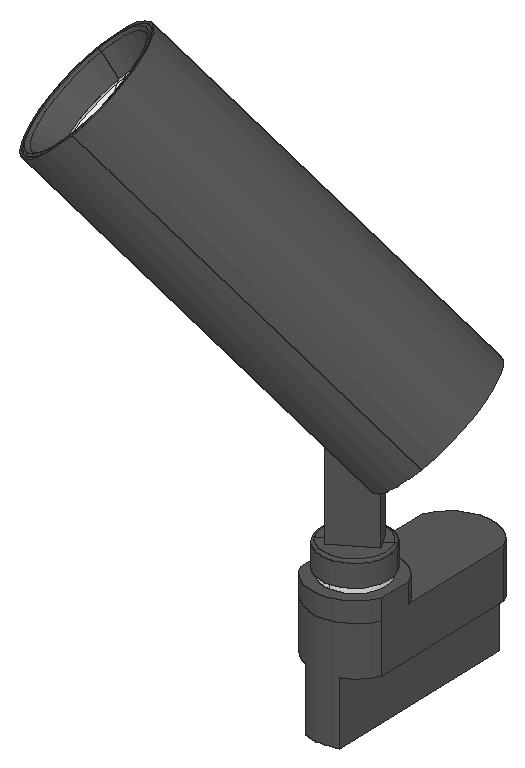
Revit family "0005447", category Lighting Fixtures, host Face, Revit 2017
Family settings
  Host = Face
  Round Connector Dimension = Use Diameter
  Part Type = Normal
  OmniClass Number = 23.80.70.00
  OmniClass Title = Lighting
  Cut with Voids When Loaded = No
  Light Source = No
  Shared = No
  Room Calculation Point = No
Parameters (values of type "0005447 PIXO SMALL 1600LM 940 NB MB WB BLK - 24")
  Weight = "6.204 kg"
  Wattage Comments = ""
  WarrantyStartDate [instance] = "n/a"
  WarrantyGuarantorParts = "n/a"
  WarrantyDurationUnit = "n/a"
  WarrantyDurationParts = "n/a"
  WarrantyDescription = "n/a"
  Voltage = 0 V
  VerticalRotation_SYL [instance] = 60.00°
  VerticalEndAngle_SYL [instance] = VerticalRotation_SYL - 180.00°  # -120.00°
  URL = "http://www.sylvania-lighting.com"
  TypeName = "Pixo Small 1600lm 940 NB MB WB BLK"
  TypeHead_SYL = START Track Spot Integral Head : 0005447 - 24
  TypeArm_SYL = START Track Spot Integral Arm : START Track Spot Integral BL
  Type Image = <None>
  Type Comments = "n/a"
  SerialNumber [instance] = "n/a"
  Material_3_SYL = none
  PowerFactor = 0.9
  PowerConsumption = "17 W"
  NominalLength = 245 mm
  NominalHeight = 245 mm
  NominalDepth = 70 mm
  Name = "Pixo Small 1600lm 940 NB MB WB BLK"
  ModelReference = Name  # "Pixo Small 1600lm 940 NB MB WB BLK"
  ModelNumber = "0005447"
  Model = Name  # "Pixo Small 1600lm 940 NB MB WB BLK"
  Material = "n/a"
  ManufacturerName = "Feilo Sylvania"
  Manufacturer = "Feilo Sylvania"
  LuminousEfficacy = "95 lm/W"
  LuminaireType = ""
  LightOutputRatio = "n/a"
  LampsType = Lamp  # "LED"
  LampNominalLuminous = "1615 lm"
  LampMacAdamStep = "5"
  LampColourTemperature = "4000 K"
  LampColourRenderingIndex = "90"
  Lamp = "LED"
  Keynote = "16500"
  InstallationDate [instance] = "n/a"
  InputVoltage = "n/a"
  InputNominalFrequency = "n/a"
  IngressProtection = "IP20"
  ImpactProtectionIndex = "IK03"
  IfcExportType = "IfcLightFixtureType"
  IfcExportAs = "IfcLightFixtureType"
  HorizontalRotation_SYL [instance] = 45.00°
  ExpectedLife = 50000
  ElectricShockClassification = "Class I"
  DurationUnit = "hours"
  DocumentationLiterature = "http://www.sylvania-lighting.com/product/en-int/products/0005447"
  DimmingControlOptions = "n/a"
  Material_2_SYL = Spacer-Sylvania-StartTrackSpot-Aluminium
  Description = "Integrated LED spotlight, Textured Black - RAL9005, simple and slick integral design with no driver box and without any visible screws, ideal for retail applications, die-cast aluminium body, passive cooling heatsink. Beam angle: 36°, additional lenses 24° and 54° beam angle included, color temperature: 4000k , total system power: 17W, total fixture output: 1615 lm, LOR: 100%, colour rendering: Ra: 90 typical, LED Chromaticity: 3 step MacAdam ellipse, lifetime: >50000 hours at L70B50, energy class: A++, A+, A, IR/UV free light source without heat radiation, operating voltage: 220-240V / 50-60Hz, electronic driver, non-dimmable, ultra low LED flickering rate (5% or less), power factor: >0.90, electrical protection: Class I, Global Track 3 Circuit GA69 adapter suitable for Global trac 3-circuit tracks, ingress protection rating: IP20, suitable for internal environment only, horizontal rotation: 345°, vertical tilt: 90°, dimensions: Ø60x70x245, weight: 0.517kg."
  Default Elevation = 1219.2 mm
  CreatedOn = "9/9/2020"
  CreatedBy = "@sylvania-lighting.com"
  Cost = 0
  built-in parameter 1114216 [instance] = (empty or 0)
  ClassificationValue = "EF_70_80"
  ClassificationName = "Uniclass2015"
  Material_1_SYL = Body-Sylvania-StartTrackSpot-Black
  BarCode [instance] = "n/a"
  AssetType = "Fixed"
  AssetIdentifier [instance] = "n/a"
  Assembly Code = "D5020200"
  Apparent Load = 17 VA
  Material_4_SYL = none
Reference planes
  plane 1 "Center (Front/Back)": y = 0
  plane 2: z = 0
  plane 3 "Center (Left/Right)": x = 0
  plane 4: x = 16.6
  plane 5: x = -16.6
  plane 6: x = 7
  plane 7: x = -7
  plane 8: x = -12.8
  plane 9: y = 42
  plane 10: y = 42
  plane 11: y = -42
  plane 12: y = 31.4
  plane 13: y = -31.4
  plane 14: z = -26
  plane 15: z = 20.3
  plane 16: z = 28.5
  plane 17: z = 31.2
  plane 18: y = -17.4
  plane 19: y = -6.8
  plane 20: y = -24.4
Forms (mm)
  Extrusion 1, solid, material "Body-Sylvania-StartTrackSpot-Black" <- "Material_1_SYL"
    sketch origin (0, 0, 0) x (1, 0, 0) y (0, 1, 0)
      loop
        line (-16.6, 31.4) -> (-16.6, -31.4)
        arc (-16.6, -31.4) -> (0, -42) -> (16.6, -31.4) r 18.298
        line (16.6, -31.4) -> (16.6, 31.4)
        arc (16.6, 31.4) -> (0, 42) -> (-16.6, 31.4) r 18.298
    from -26 to 20.3
  Extrusion 2, void
    sketch origin (0, 0, 0) x (1, 0, 0) y (0, 1, 0)
      loop
        arc (-7, 40.608) -> (-12.666, 36.907) -> (-16.6, 31.4) r 18.298
        line (-16.6, 31.4) -> (-16.6, -31.4)
        arc (-16.6, -31.4) -> (-12.666, -36.907) -> (-7, -40.608) r 18.298
        line (-7, -40.608) -> (-7, 40.608)
      loop
        line (16.6, -31.4) -> (16.6, 31.4)
        arc (16.6, 31.4) -> (12.666, 36.907) -> (7, 40.608) r 18.298
        line (7, 40.608) -> (7, -40.608)
        arc (7, -40.608) -> (12.666, -36.907) -> (16.6, -31.4) r 18.298
    from 0 to -26
  Extrusion 3, solid, material "Body-Sylvania-StartTrackSpot-Black" <- "Material_1_SYL"
    sketch origin (1223.4, -4572, 20.3) x (0, -1, 0) y (-1, 0, 0)
      loop
        line (-4540.6, 1240) -> (-4554.6, 1240)
        arc (-4554.6, 1240) -> (-4565.2, 1223.4) -> (-4554.6, 1206.8) r 18.298
        line (-4554.6, 1206.8) -> (-4540.6, 1206.8)
        arc (-4540.6, 1206.8) -> (-4530, 1223.4) -> (-4540.6, 1240) r 18.298
    from -8.2 to 0
  Extrusion 4, solid, material "Spacer-Sylvania-StartTrackSpot-Aluminium" <- "Material_2_SYL"
    sketch origin (1223.4, -4572, 28.5) x (0, -1, 0) y (-1, 0, 0)
      loop
        circle (-4547.6, 1223.4) r 12.7
    from 0 to -2.7
  Revolve 5, solid, not visible
    sketch origin (1524, -24.4, 1219.2) x (1, 0, 0) y (0, 0, 1)
      loop
        line (-1524, -1188) -> (-1524, -1168.735) -> (-1531, -1168.735) -> (-1531, -1188) -> (-1524, -1188)
      axis (-1524, -1168.735) -> (-1524, -1188)
    angle from 60 <- "VerticalRotation_SYL" to -120 <- "VerticalEndAngle_SYL"
Cuts and joins
  Extrusion 2 cuts Extrusion 1
  joined: Extrusion 1, Extrusion 3
Lines and regions (mm)
  reference lines
    curve 1: circle (0, -24.4, 0) r 12.7 normal (0, 0, 1)
    curve 2: arc (-16.6, -31.4, 0) -> (0, -42, 0) -> (16.6, -31.4, 0) r 18.298
    curve 3: arc (-16.6, -17.4, 0) -> (0, -6.8, 0) -> (16.6, -17.4, 0) r 18.298
    curve 4: arc (-16.6, 31.4, 0) -> (0, 42, 0) -> (16.6, 31.4, 0) r 18.298
Dimensions and locks
  plane 6 to plane 3 "Center (Left/Right)" to plane 7 = 7 mm locked, 7 mm locked
  plane 4 to plane 3 "Center (Left/Right)" to plane 5 = 16.6 mm locked, 16.6 mm locked
  locked: plane 3 "Center (Left/Right)" to plane 8 at 12.8
  plane 11 to plane 1 "Center (Front/Back)" to plane 10 = 42 mm locked, 42 mm locked
  plane 13 to plane 1 "Center (Front/Back)" to plane 12 = 31.4 mm locked, 31.4 mm locked
  locked: plane 2 to plane 14 at 26
  locked: plane 15 to plane 2 at 20.3
  plane 17 to plane 16 to plane 15 = 2.7 mm locked, 8.2 mm locked
  locked: plane 13 to plane 18 at 14
  locked: plane 18 to plane 19 at 10.6
  equal spacing: plane 13, plane 20, plane 18
  locked: plane 20 to curve 2 at 0.698
  locked: curve 3 to plane 20 at 0.698
  aligned and locked: plane 2 to host face
  aligned and locked: level to host face
  aligned and locked: plane 3 "Center (Left/Right)" to curve 1
  aligned and locked: plane 20 to curve 1
  aligned and locked: plane 13 to curve 2  (x2)
  aligned and locked: plane 18 to curve 3  (x2)
  aligned and locked: plane 12 to curve 4  (x2)
  aligned and locked: plane 4 to curve 4
  aligned and locked: plane 3 "Center (Left/Right)" to curve 4
  aligned and locked: plane 5 to curve 2
  aligned and locked: plane 5 to curve 3
  aligned and locked: plane 4 to curve 3
  aligned and locked: plane 4 to curve 2
  aligned and locked: plane 12 to Extrusion 1 sketch curve
  aligned and locked: plane 13 to Extrusion 1 sketch curve
  aligned and locked: Extrusion 1 sketch curve to curve 4
  aligned and locked: Extrusion 1 sketch curve to curve 2
  aligned and locked: Extrusion 1 to plane 15
  aligned and locked: plane 14 to Extrusion 1
  aligned and locked: Extrusion 2 sketch curve to Extrusion 1  (x5)
  aligned and locked: Extrusion 2 sketch curve to plane 7
  aligned and locked: plane 14 to Extrusion 2
  aligned and locked: level to Extrusion 2
  aligned and locked: Extrusion 3 sketch curve to cut or joined group of Extrusion 1, Extrusion 2, Extrusion 3  (x2)
  aligned and locked: Extrusion 3 sketch curve to curve 3
  aligned and locked: cut or joined group of Extrusion 1, Extrusion 2, Extrusion 3 to Extrusion 3 sketch curve
  aligned and locked: Extrusion 3 to plane 16
  aligned and locked: plane 15 to Extrusion 3
  aligned and locked: Extrusion 4 sketch curve to curve 1
  aligned and locked: Extrusion 4 to plane 17
  aligned and locked: plane 16 to Extrusion 4
  aligned and locked: Revolve 5 sketch curve to plane 3 "Center (Left/Right)"
  aligned and locked: Extrusion 4 to Revolve 5 sketch curve
  aligned and locked: Revolve 5 sketch curve to Extrusion 4
  aligned and locked: plane 17 to nested 1
Automatic sketch dimensions
  host sketch curve to host sketch curve = 2438.4 mm  (x2)
  plane 12 to curve 4 = 7.698 mm
  plane 12 to Extrusion 2 sketch curve = 0 mm
  Extrusion 2 sketch curve to Extrusion 2 sketch curve = 0 mm  (x2)
  Extrusion 2 sketch curve to plane 6 = 0 mm
  Revolve 5 sketch curve to plane 7 = 0 mm
  Revolve 5 sketch curve to Revolve 5 sketch curve = 19.265 mm
  plane 14 to Revolve 5 sketch curve = 583.6 mm
  Revolve 5 sketch curve to Revolve 5 sketch curve = 2558.594 mm
  radius of curve 1 = 12.7 mm
Nested families
  nested 1: "START Track Spot Integral Arm" at (0, -24.4, 31.2) x (0, 0, -1) z (0.866, 0.5, 0), type <- "TypeArm_SYL", HorizontalRotation_SYL <- "HorizontalRotation_SYL", type "START Track Spot Integral BL"
    with HorizontalRotation_SYL 45.00°, HorizontalEndAngle_SYL -135.00°
  nested 2: "START Track Spot Integral Head" at (12.554, -17.152, 97.696) x (-0.5, 0.866, 0) z (0.6124, 0.3536, -0.7071), type <- "TypeHead_SYL", type "0005447 - 24"
    with built-in parameter 1114216 (empty or 0)
Connectors
  electrical at (0, 0, 0), driven by "Apparent Load", driven by "PowerFactor", driven by "Voltage"
    settings: index 1, voltage 0 V, apparent load 17 VA, apparent load phase1 0 VA, apparent load phase2 0 VA, apparent load phase3 0 VA, power factor 0.9, load classification "Lighting", number of poles 1, system type 30, power factor state 1, is connector primary yes, connector utility no, sub classification motor no, connector description ""
Definition of nested family "START Track Spot Integral Arm"
  Parameters (values of type "START Track Spot Integral WH")
    URL = "http://www.sylvania-lighting.com"
    Type Image = (empty or 0)
    Type Comments = "n/a"
    Material_3_SYL = none
    Model = ""
    Manufacturer = "Feilo Sylvania"
    Keynote = ""
    Material_2_SYL = none
    HorizontalRotation_SYL [instance] = 0.00°
    HorizontalEndAngle_SYL [instance] = HorizontalRotation_SYL - 180.00°  # -180.00°
    Description = ""
    Default Elevation = 1219.2 mm
    Cost = 0
    Material_1_SYL = none
    Assembly Code = ""
    Material_4_SYL = none
  Types (2): name
    START Track Spot Integral WH
    START Track Spot Integral BL
  Reference planes
    plane 1 "Center (Front/Back)": y = 0
    plane 2: z = 0
    plane 3 "Center (Left/Right)": x = 0
    plane 4: x = -10
    plane 5: z = -14
    plane 6: z = -14
    plane 7: z = 14
    plane 8: x = -52
    plane 9: z = 9
    plane 10: z = -9
    plane 11: x = -60
    plane 12: y = 4.5
    plane 13: y = -4.5
    plane 14: x = -9
    plane 15: z = 13
    plane 16: z = 4
    plane 17: z = -4
    plane 18: x = -55
  Forms (mm)
    Extrusion 1, solid
      sketch origin (4.2, 0, 0) x (1, 0, 0) y (0, 1, 0)
        loop
          line (-1219.2, 1219.2) -> (-1219.2, -1219.2) -> (1219.2, -1219.2) -> (1219.2, 1219.2) -> (-1219.2, 1219.2)
      from 0 to -68.017
    Revolve 2, solid, material <- "Material_1_SYL"
      sketch origin (0, 0, 0) x (1, 0, 0) y (0, 0, 1)
        loop
          line (0, 0) -> (0, 14) -> (-9, 14)
          arc (-9, 14) -> (-9.707, 13.707) -> (-10, 13) r 1
          line (-10, 13) -> (-10, 0) -> (0, 0)
        axis (-10, 0) -> (0, 0)
      angle from 360 to 0
    Extrusion 3, solid, material <- "Material_1_SYL"
      sketch origin (0, 0, 0) x (1, 0, 0) y (0, 0, 1)
        loop
          line (-10, 9) -> (-55, 9)
          arc (-55, 9) -> (-58.536, 7.536) -> (-60, 4) r 5
          line (-60, 4) -> (-60, -4)
          arc (-60, -4) -> (-58.536, -7.536) -> (-55, -9) r 5
          line (-55, -9) -> (-10, -9) -> (-10, 9)
      from -4.5 to 4.5
    Revolve 4, solid, not visible
      sketch origin (-52, -4572, 2609.058) x (0, 0, 1) y (0, -1, 0)
        loop
          line (-2609.058, -4553.46) -> (-2609.058, -4590.54) -> (-2605.058, -4590.54) -> (-2605.058, -4553.46) -> (-2609.058, -4553.46)
        axis (-2609.058, -4553.46) -> (-2609.058, -4590.54)
      angle from 0 <- "HorizontalRotation_SYL" to -180 <- "HorizontalEndAngle_SYL"
  Dimensions and locks
    locked: plane 3 "Center (Left/Right)" to plane 4 at 10
    plane 7 to plane 2 to plane 6 = 14 mm locked, 14 mm locked
    locked: plane 4 to plane 8 at 42
    plane 13 to plane 1 "Center (Front/Back)" to plane 12 = 4.5 mm locked, 4.5 mm locked
    locked: plane 14 to plane 4 at 1
    locked: plane 7 to plane 15 at 1
    locked: plane 9 to plane 16 at 5
    locked: plane 17 to plane 10 at 5
    equal spacing: Revolve 4 sketch curve, plane 1 "Center (Front/Back)", Revolve 4 sketch curve
    locked: Revolve 4 sketch curve to plane 1 "Center (Front/Back)" at 18.54
    locked: plane 18 to plane 11 at 5
    locked: plane 4 to plane 11 at 50
    aligned and locked: plane 2 to Extrusion 1
    aligned and locked: level to Extrusion 1
    aligned and locked: level to Revolve 2 sketch curve  (x2)
    aligned and locked: plane 3 "Center (Left/Right)" to Revolve 2 sketch curve
    aligned and locked: Revolve 2 sketch curve to plane 7
    aligned and locked: plane 4 to Revolve 2 sketch curve
    aligned and locked: plane 15 to Revolve 2 sketch curve
    aligned and locked: plane 14 to Revolve 2 sketch curve
    aligned and locked: Revolve 2 sketch curve to plane 2
    aligned and locked: Extrusion 3 sketch curve to plane 9
    aligned and locked: plane 4 to Extrusion 3 sketch curve
    aligned and locked: plane 10 to Extrusion 3 sketch curve
    aligned and locked: Extrusion 3 sketch curve to plane 11
    aligned and locked: plane 13 to Extrusion 3
    aligned and locked: Extrusion 3 to plane 12
    aligned and locked: plane 16 to Extrusion 3 sketch curve
    aligned and locked: plane 17 to Extrusion 3 sketch curve
    aligned and locked: Revolve 4 sketch curve to level
    aligned and locked: Revolve 4 sketch curve to plane 16
    aligned and locked: Revolve 4 sketch curve to plane 2
    aligned and locked: plane 18 to Extrusion 3 sketch curve  (x2)
Definition of nested family "START Track Spot Integral Head"
  Parameters (values of type "0005447 - 24")
    WidthCutOut_SYL = 9.5 mm  # constant formula
    Wattage Comments = "n/a"
    Wattage = 17 W
    built-in parameter 1150110 = 1 (stored number, unit not read)
    URL = "http://www.sylvania-lighting.com"
    Type Image = (empty or 0)
    Type Comments = "n/a"
    built-in parameter 1114217 = 1 (stored number, unit not read)
    Tilt Angle = 90.00°
    built-in parameter 1150109 = 1 (stored number, unit not read)
    built-in parameter 1150134 = 12
    built-in parameter 1150113 = 1 (stored number, unit not read)
    S_SYL = yes
    RadiusLensOut_SYL = if(S_SYL, 21 mm, if(M_SYL, 30.5 mm, 33 mm))  # 21 mm
    RadiusLensHolder_SYL = 1.8 mm  # constant formula
    RadiusHead_SYL = if(S_SYL, 30 mm, if(M_SYL, 40 mm, 45.5 mm))  # 30 mm
    RadiusEmission_SYL = if(S_SYL, 8 mm, if(M_SYL, 16.5 mm, 16.5 mm))  # 8 mm
    Photometric Web File = "0005447_24.ies"
    built-in parameter 1150142 = "IESNA:LM-63-2002\r\n[TEST] 202010555\r\n[TESTLAB] \r\n[TESTDATE] 23 May 2020\r\n[ISSUEDATE] 23 May 2020\r\n[MANUFAC] Sylvania\r\n[LUMCAT] 202010555\r\n[LUMINAIRE] FT1079-B-4000£¨24¡ã£©\r\n[FLASHAREA] 0.000514\r\n[LAMPCAT] 202010555\r\n[LAMP] LED 17W - 16.28 W\r\nTILT=NONE\r\n1 1497.40 1.0 181 4 1 2 -0.052 -0.052 0.000\r\n1.00 1.00 16.28\r\n0.00 1.00 2.00 3.00 4.00 5.00 6.00 7.00 8.00 9.00 10.00 \r\n11.00 12.00 13.00 14.00 15.00 16.00 17.00 18.00 19.00 \r\n20.00 21.00 22.00 23.00 24.00 25.00 26.00 27.00 28.00 \r\n29.00 30.00 31.00 32.00 33.00 34.00 35.00 36.00 37.00 \r\n38.00 39.00 40.00 41.00 42.00 43.00 44.00 45.00 46.00 \r\n47.00 48.00 49.00 50.00 51.00 52.00 53.00 54.00 55.00 \r\n56.00 57.00 58.00 59.00 60.00 61.00 62.00 63.00 64.00 \r\n65.00 66.00 67.00 68.00 69.00 70.00 71.00 72.00 73.00 \r\n74.00 75.00 76.00 77.00 78.00 79.00 80.00 81.00 82.00 \r\n83.00 84.00 85.00 86.00 87.00 88.00 89.00 90.00 91.00 \r\n92.00 93.00 94.00 95.00 96.00 97.00 98.00 99.00 100.00 \r\n101.00 102.00 103.00 104.00 105.00 106.00 107.00 108.00 \r\n109.00 110.00 111.00 112.00 113.00 114.00 115.00 116.00 \r\n117.00 118.00 119.00 120.00 121.00 122.00 123.00 124.00 \r\n125.00 126.00 127.00 128.00 129.00 130.00 131.00 132.00 \r\n133.00 134.00 135.00 136.00 137.00 138.00 139.00 140.00 \r\n141.00 142.00 143.00 144.00 145.00 146.00 147.00 148.00 \r\n149.00 150.00 151.00 152.00 153.00 154.00 155.00 156.00 \r\n157.00 158.00 159.00 160.00 161.00 162.00 163.00 164.00 \r\n165.00 166.00 167.00 168.00 169.00 170.00 171.00 172.00 \r\n173.00 174.00 175.00 176.00 177.00 178.00 179.00 180.00 \r\n0.00 30.00 60.00 90.00 \r\n4989.36 4964.27 4893.86 4782.96 4636.35 4466.14 4276.05 \r\n4061.15 3825.38 3574.84 3311.64 3043.37 2776.27 2509.84 \r\n2254.59 2010.31 1782.73 1570.17 1378.46 1207.37 1053.94 \r\n921.14 804.63 706.82 626.14 560.44 506.51 456.67 416.21 \r\n380.54 348.96 320.70 295.90 272.95 249.65 229.19 210.42 \r\n193.31 178.10 164.12 151.35 139.94 129.58 120.08 111.65 \r\n103.92 96.40 89.40 82.51 75.69 69.60 64.54 60.53 56.57 \r\n52.74 48.82 45.07 41.57 38.49 35.32 32.48 29.41 26.38 \r\n24.29 22.50 20.87 19.31 17.53 15.47 13.40 11.50 9.78 8.19 \r\n6.77 5.53 4.46 3.42 2.32 1.24 0.51 0.18 0.17 0.16 0.15 \r\n0.14 0.13 0.12 0.11 0.11 0.10 0.10 0.09 0.10 0.09 0.09 \r\n0.08 0.08 0.09 0.08 0.08 0.08 0.07 0.07 0.07 0.06 0.06 \r\n0.06 0.05 0.06 0.05 0.05 0.00 0.00 0.00 0.00 0.00 0.00 \r\n0.00 0.00 0.00 0.00 0.00 0.00 0.00 0.00 0.00 0.00 0.00 \r\n0.00 0.00 0.00 0.00 0.00 0.00 0.00 0.00 0.00 0.00 0.00 \r\n0.00 0.00 0.00 0.00 0.00 0.00 0.00 0.00 0.00 0.00 0.00 \r\n0.00 0.00 0.00 0.00 0.00 0.00 0.00 0.00 0.00 0.00 0.00 \r\n0.00 0.00 0.00 0.00 0.00 0.00 0.00 0.00 0.00 0.00 0.00 \r\n0.00 0.00 0.00 0.00 0.00 0.00 0.00 0.00 0.00 \r\n5012.45 4986.24 4914.50 4803.43 4656.39 4484.22 4287.33 \r\n4072.70 3837.25 3586.08 3321.91 3053.32 2781.98 2512.34 \r\n2253.86 2008.00 1777.79 1566.65 1374.89 1205.01 1051.37 \r\n919.04 803.36 704.89 623.30 557.63 500.92 452.35 412.28 \r\n377.20 346.41 318.83 293.98 271.27 248.64 227.32 208.60 \r\n191.75 176.76 162.81 150.51 139.51 129.10 119.90 111.37 \r\n103.66 96.21 89.15 82.17 75.36 69.30 64.50 60.49 56.63 \r\n52.51 48.39 44.48 40.89 37.87 35.14 32.38 29.11 26.24 \r\n24.15 22.37 20.75 19.23 17.48 15.40 13.31 11.42 9.73 8.14 \r\n6.73 5.50 4.44 3.37 2.27 1.24 0.53 0.19 0.12 0.12 0.12 \r\n0.12 0.11 0.12 0.12 0.11 0.12 0.12 0.11 0.11 0.11 0.11 \r\n0.12 0.11 0.12 0.12 0.12 0.12 0.12 0.11 0.11 0.10 0.10 \r\n0.10 0.09 0.09 0.09 0.08 0.00 0.00 0.00 0.00 0.00 0.00 \r\n0.00 0.00 0.00 0.00 0.00 0.00 0.00 0.00 0.00 0.00 0.00 \r\n0.00 0.00 0.00 0.00 0.00 0.00 0.00 0.00 0.00 0.00 0.00 \r\n0.00 0.00 0.00 0.00 0.00 0.00 0.00 0.00 0.00 0.00 0.00 \r\n0.00 0.00 0.00 0.00 0.00 0.00 0.00 0.00 0.00 0.00 0.00 \r\n0.00 0.00 0.00 0.00 0.00 0.00 0.00 0.00 0.00 0.00 0.00 \r\n0.00 0.00 0.00 0.00 0.00 0.00 0.00 0.00 0.00 \r\n5003.85 4979.01 4909.23 4797.74 4650.51 4476.42 4280.34 \r\n4063.75 3827.51 3575.64 3308.94 3039.44 2769.48 2500.27 \r\n2240.81 1994.26 1764.63 1552.27 1361.93 1190.33 1037.52 \r\n904.75 789.20 691.76 610.78 545.62 489.73 441.88 402.57 \r\n368.21 337.55 310.50 286.60 262.74 240.65 220.97 202.77 \r\n186.08 171.07 157.55 145.58 134.77 124.72 115.60 107.39 \r\n99.84 92.71 86.06 79.66 73.45 67.83 63.21 59.02 55.29 \r\n51.64 48.05 44.41 41.01 37.92 35.08 32.41 29.22 26.30 \r\n24.09 22.26 20.66 19.15 17.46 15.44 13.38 11.47 9.74 8.15 \r\n6.73 5.52 4.44 3.39 2.31 1.33 0.62 0.26 0.17 0.16 0.15 \r\n0.15 0.15 0.15 0.15 0.15 0.15 0.15 0.15 0.15 0.15 0.15 \r\n0.15 0.15 0.15 0.15 0.15 0.16 0.16 0.16 0.15 0.15 0.16 \r\n0.15 0.15 0.14 0.14 0.14 0.00 0.00 0.00 0.00 0.00 0.00 \r\n0.00 0.00 0.00 0.00 0.00 0.00 0.00 0.00 0.00 0.00 0.00 \r\n0.00 0.00 0.00 0.00 0.00 0.00 0.00 0.00 0.00 0.00 0.00 \r\n0.00 0.00 0.00 0.00 0.00 0.00 0.00 0.00 0.00 0.00 0.00 \r\n0.00 0.00 0.00 0.00 0.00 0.00 0.00 0.00 0.00 0.00 0.00 \r\n0.00 0.00 0.00 0.00 0.00 0.00 0.00 0.00 0.00 0.00 0.00 \r\n0.00 0.00 0.00 0.00 0.00 0.00 0.00 0.00 0.00 \r\n4999.42 4975.30 4904.18 4791.29 4644.28 4470.50 4273.83 \r\n4056.42 3819.22 3565.67 3301.66 3030.75 2763.60 2496.68 \r\n2235.24 1987.78 1755.33 1542.96 1352.50 1180.67 1028.21 \r\n895.24 780.56 683.73 603.46 539.89 481.93 436.51 397.54 \r\n363.20 332.88 305.53 281.36 258.00 235.79 215.05 196.66 \r\n179.70 164.95 151.76 140.11 129.71 120.29 111.78 103.99 \r\n96.87 89.95 83.62 77.46 71.49 66.11 61.75 58.21 54.81 \r\n50.46 46.26 42.84 39.68 36.90 34.47 32.13 29.11 26.09 \r\n23.91 22.04 20.29 18.64 16.87 14.90 12.96 11.19 9.53 8.01 \r\n6.66 5.49 4.43 3.37 2.28 1.27 0.55 0.21 0.13 0.12 0.11 \r\n0.11 0.11 0.11 0.10 0.10 0.11 0.11 0.10 0.10 0.09 0.09 \r\n0.09 0.08 0.08 0.08 0.07 0.07 0.07 0.07 0.06 0.06 0.06 \r\n0.05 0.05 0.05 0.05 0.04 0.00 0.00 0.00 0.00 0.00 0.00 \r\n0.00 0.00 0.00 0.00 0.00 0.00 0.00 0.00 0.00 0.00 0.00 \r\n0.00 0.00 0.00 0.00 0.00 0.00 0.00 0.00 0.00 0.00 0.00 \r\n0.00 0.00 0.00 0.00 0.00 0.00 0.00 0.00 0.00 0.00 0.00 \r\n0.00 0.00 0.00 0.00 0.00 0.00 0.00 0.00 0.00 0.00 0.00 \r\n0.00 0.00 0.00 0.00 0.00 0.00 0.00 0.00 0.00 0.00 0.00 \r\n0.00 0.00 0.00 0.00 0.00 0.00 0.00 0.00 0.00 \r\n"
    Material_3_SYL = none
    Model = "ST TRK SPT INTGRL 1550LM 940 WB BLK"
    Manufacturer = "Feilo Sylvania"
    M_SYL = no
    built-in parameter 1150105 = 123.35 (stored number, unit not read)
    Lumens = 1550 lm
    built-in parameter 1150115 = 1 (stored number, unit not read)
    built-in parameter 1150137 = (empty or 0)
    built-in parameter 1150139 = (empty or 0)
    built-in parameter 1150112 = 1 (stored number, unit not read)
    built-in parameter 1150114 = 1 (stored number, unit not read)
    Lamp = "LED"
    Keynote = "16500"
    Material_2_SYL = none
    built-in parameter 1150132 = (empty or 0)
    built-in parameter 1150102 = (empty or 0)
    built-in parameter 1150107 = 4000 (stored number, unit not read)
    built-in parameter 1150138 = (empty or 0)
    built-in parameter 1150106 = 1.2335 (stored number, unit not read)
    Height_SYL = if(S_SYL, 160 mm, if(M_SYL, 200 mm, 215 mm))  # 160 mm
    Emit from Circle Diameter = RadiusLensOut_SYL * 2  # 42 mm
    Emit Shape Visible in Rendering = no
    built-in parameter 1150104 = 8.4706 (stored number, unit not read)
    DistRotateAxisY_SYL = 16.8 mm  # constant formula
    Dimming Lamp Color Temperature Shift = (empty or 0)
    Description = ""
    DepthLens_SYL = 1.25 * (RadiusHead_SYL - 1 mm - RadiusLensOut_SYL)  # 10 mm
    DepthEmission_SYL = Height_SYL / 6.4  # 25 mm
    DepthCutOut_SYL = WidthCutOut_SYL * 2  # 19 mm
    Default Elevation = 1219.2 mm
    Cost = 0
    Color Filter = 16777215
    built-in parameter 1114216 [instance] = (empty or 0)
    Material_1_SYL = none
    built-in parameter 1114218 = 1 (stored number, unit not read)
    built-in parameter 1150133 = 10 (stored number, unit not read)
    Assembly Code = "D5020200"
    Apparent Load = 17 VA
    Material_4_SYL = none
  Types (3, lengths in mm): name | Photometric Web File | built-in parameter 1150142
    0005447 - 24 | "0005447_24.ies" | "IESNA:LM-63-2002\r\n[TEST] 202010555\r\n[TESTLAB] \r\n[TESTDATE] 23 May 2020\r\n[ISSUEDATE] 23 May 2020\r\n[MANUFAC] Sylvania\r\n[LUMCAT] 202010555\r\n[LUMINAIRE] FT1079-B-4000£¨24¡ã£©\r\n[FLASHAREA] 0.000514\r\n[LAMPCAT] 202010555\r\n[LAMP] LED 17W - 16.28 W\r\nTILT=NONE\r\n1 1497.40 1.0 181 4 1 2 -0.052 -0.052 0.000\r\n1.00 1.00 16.28\r\n0.00 1.00 2.00 3.00 4.00 5.00 6.00 7.00 8.00 9.00 10.00 \r\n11.00 12.00 13.00 14.00 15.00 16.00 17.00 18.00 19.00 \r\n20.00 21.00 22.00 23.00 24.00 25.00 26.00 27.00 28.00 \r\n29.00 30.00 31.00 32.00 33.00 34.00 35.00 36.00 37.00 \r\n38.00 39.00 40.00 41.00 42.00 43.00 44.00 45.00 46.00 \r\n47.00 48.00 49.00 50.00 51.00 52.00 53.00 54.00 55.00 \r\n56.00 57.00 58.00 59.00 60.00 61.00 62.00 63.00 64.00 \r\n65.00 66.00 67.00 68.00 69.00 70.00 71.00 72.00 73.00 \r\n74.00 75.00 76.00 77.00 78.00 79.00 80.00 81.00 82.00 \r\n83.00 84.00 85.00 86.00 87.00 88.00 89.00 90.00 91.00 \r\n92.00 93.00 94.00 95.00 96.00 97.00 98.00 99.00 100.00 \r\n101.00 102.00 103.00 104.00 105.00 106.00 107.00 108.00 \r\n109.00 110.00 111.00 112.00 113.00 114.00 115.00 116.00 \r\n117.00 118.00 119.00 120.00 121.00 122.00 123.00 124.00 \r\n125.00 126.00 127.00 128.00 129.00 130.00 131.00 132.00 \r\n133.00 134.00 135.00 136.00 137.00 138.00 139.00 140.00 \r\n141.00 142.00 143.00 144.00 145.00 146.00 147.00 148.00 \r\n149.00 150.00 151.00 152.00 153.00 154.00 155.00 156.00 \r\n157.00 158.00 159.00 160.00 161.00 162.00 163.00 164.00 \r\n165.00 166.00 167.00 168.00 169.00 170.00 171.00 172.00 \r\n173.00 174.00 175.00 176.00 177.00 178.00 179.00 180.00 \r\n0.00 30.00 60.00 90.00 \r\n4989.36 4964.27 4893.86 4782.96 4636.35 4466.14 4276.05 \r\n4061.15 3825.38 3574.84 3311.64 3043.37 2776.27 2509.84 \r\n2254.59 2010.31 1782.73 1570.17 1378.46 1207.37 1053.94 \r\n921.14 804.63 706.82 626.14 560.44 506.51 456.67 416.21 \r\n380.54 348.96 320.70 295.90 272.95 249.65 229.19 210.42 \r\n193.31 178.10 164.12 151.35 139.94 129.58 120.08 111.65 \r\n103.92 96.40 89.40 82.51 75.69 69.60 64.54 60.53 56.57 \r\n52.74 48.82 45.07 41.57 38.49 35.32 32.48 29.41 26.38 \r\n24.29 22.50 20.87 19.31 17.53 15.47 13.40 11.50 9.78 8.19 \r\n6.77 5.53 4.46 3.42 2.32 1.24 0.51 0.18 0.17 0.16 0.15 \r\n0.14 0.13 0.12 0.11 0.11 0.10 0.10 0.09 0.10 0.09 0.09 \r\n0.08 0.08 0.09 0.08 0.08 0.08 0.07 0.07 0.07 0.06 0.06 \r\n0.06 0.05 0.06 0.05 0.05 0.00 0.00 0.00 0.00 0.00 0.00 \r\n0.00 0.00 0.00 0.00 0.00 0.00 0.00 0.00 0.00 0.00 0.00 \r\n0.00 0.00 0.00 0.00 0.00 0.00 0.00 0.00 0.00 0.00 0.00 \r\n0.00 0.00 0.00 0.00 0.00 0.00 0.00 0.00 0.00 0.00 0.00 \r\n0.00 0.00 0.00 0.00 0.00 0.00 0.00 0.00 0.00 0.00 0.00 \r\n0.00 0.00 0.00 0.00 0.00 0.00 0.00 0.00 0.00 0.00 0.00 \r\n0.00 0.00 0.00 0.00 0.00 0.00 0.00 0.00 0.00 \r\n5012.45 4986.24 4914.50 4803.43 4656.39 4484.22 4287.33 \r\n4072.70 3837.25 3586.08 3321.91 3053.32 2781.98 2512.34 \r\n2253.86 2008.00 1777.79 1566.65 1374.89 1205.01 1051.37 \r\n919.04 803.36 704.89 623.30 557.63 500.92 452.35 412.28 \r\n377.20 346.41 318.83 293.98 271.27 248.64 227.32 208.60 \r\n191.75 176.76 162.81 150.51 139.51 129.10 119.90 111.37 \r\n103.66 96.21 89.15 82.17 75.36 69.30 64.50 60.49 56.63 \r\n52.51 48.39 44.48 40.89 37.87 35.14 32.38 29.11 26.24 \r\n24.15 22.37 20.75 19.23 17.48 15.40 13.31 11.42 9.73 8.14 \r\n6.73 5.50 4.44 3.37 2.27 1.24 0.53 0.19 0.12 0.12 0.12 \r\n0.12 0.11 0.12 0.12 0.11 0.12 0.12 0.11 0.11 0.11 0.11 \r\n0.12 0.11 0.12 0.12 0.12 0.12 0.12 0.11 0.11 0.10 0.10 \r\n0.10 0.09 0.09 0.09 0.08 0.00 0.00 0.00 0.00 0.00 0.00 \r\n0.00 0.00 0.00 0.00 0.00 0.00 0.00 0.00 0.00 0.00 0.00 \r\n0.00 0.00 0.00 0.00 0.00 0.00 0.00 0.00 0.00 0.00 0.00 \r\n0.00 0.00 0.00 0.00 0.00 0.00 0.00 0.00 0.00 0.00 0.00 \r\n0.00 0.00 0.00 0.00 0.00 0.00 0.00 0.00 0.00 0.00 0.00 \r\n0.00 0.00 0.00 0.00 0.00 0.00 0.00 0.00 0.00 0.00 0.00 \r\n0.00 0.00 0.00 0.00 0.00 0.00 0.00 0.00 0.00 \r\n5003.85 4979.01 4909.23 4797.74 4650.51 4476.42 4280.34 \r\n4063.75 3827.51 3575.64 3308.94 3039.44 2769.48 2500.27 \r\n2240.81 1994.26 1764.63 1552.27 1361.93 1190.33 1037.52 \r\n904.75 789.20 691.76 610.78 545.62 489.73 441.88 402.57 \r\n368.21 337.55 310.50 286.60 262.74 240.65 220.97 202.77 \r\n186.08 171.07 157.55 145.58 134.77 124.72 115.60 107.39 \r\n99.84 92.71 86.06 79.66 73.45 67.83 63.21 59.02 55.29 \r\n51.64 48.05 44.41 41.01 37.92 35.08 32.41 29.22 26.30 \r\n24.09 22.26 20.66 19.15 17.46 15.44 13.38 11.47 9.74 8.15 \r\n6.73 5.52 4.44 3.39 2.31 1.33 0.62 0.26 0.17 0.16 0.15 \r\n0.15 0.15 0.15 0.15 0.15 0.15 0.15 0.15 0.15 0.15 0.15 \r\n0.15 0.15 0.15 0.15 0.15 0.16 0.16 0.16 0.15 0.15 0.16 \r\n0.15 0.15 0.14 0.14 0.14 0.00 0.00 0.00 0.00 0.00 0.00 \r\n0.00 0.00 0.00 0.00 0.00 0.00 0.00 0.00 0.00 0.00 0.00 \r\n0.00 0.00 0.00 0.00 0.00 0.00 0.00 0.00 0.00 0.00 0.00 \r\n0.00 0.00 0.00 0.00 0.00 0.00 0.00 0.00 0.00 0.00 0.00 \r\n0.00 0.00 0.00 0.00 0.00 0.00 0.00 0.00 0.00 0.00 0.00 \r\n0.00 0.00 0.00 0.00 0.00 0.00 0.00 0.00 0.00 0.00 0.00 \r\n0.00 0.00 0.00 0.00 0.00 0.00 0.00 0.00 0.00 \r\n4999.42 4975.30 4904.18 4791.29 4644.28 4470.50 4273.83 \r\n4056.42 3819.22 3565.67 3301.66 3030.75 2763.60 2496.68 \r\n2235.24 1987.78 1755.33 1542.96 1352.50 1180.67 1028.21 \r\n895.24 780.56 683.73 603.46 539.89 481.93 436.51 397.54 \r\n363.20 332.88 305.53 281.36 258.00 235.79 215.05 196.66 \r\n179.70 164.95 151.76 140.11 129.71 120.29 111.78 103.99 \r\n96.87 89.95 83.62 77.46 71.49 66.11 61.75 58.21 54.81 \r\n50.46 46.26 42.84 39.68 36.90 34.47 32.13 29.11 26.09 \r\n23.91 22.04 20.29 18.64 16.87 14.90 12.96 11.19 9.53 8.01 \r\n6.66 5.49 4.43 3.37 2.28 1.27 0.55 0.21 0.13 0.12 0.11 \r\n0.11 0.11 0.11 0.10 0.10 0.11 0.11 0.10 0.10 0.09 0.09 \r\n0.09 0.08 0.08 0.08 0.07 0.07 0.07 0.07 0.06 0.06 0.06 \r\n0.05 0.05 0.05 0.05 0.04 0.00 0.00 0.00 0.00 0.00 0.00 \r\n0.00 0.00 0.00 0.00 0.00 0.00 0.00 0.00 0.00 0.00 0.00 \r\n0.00 0.00 0.00 0.00 0.00 0.00 0.00 0.00 0.00 0.00 0.00 \r\n0.00 0.00 0.00 0.00 0.00 0.00 0.00 0.00 0.00 0.00 0.00 \r\n0.00 0.00 0.00 0.00 0.00 0.00 0.00 0.00 0.00 0.00 0.00 \r\n0.00 0.00 0.00 0.00 0.00 0.00 0.00 0.00 0.00 0.00 0.00 \r\n0.00 0.00 0.00 0.00 0.00 0.00 0.00 0.00 0.00 \r\n"
